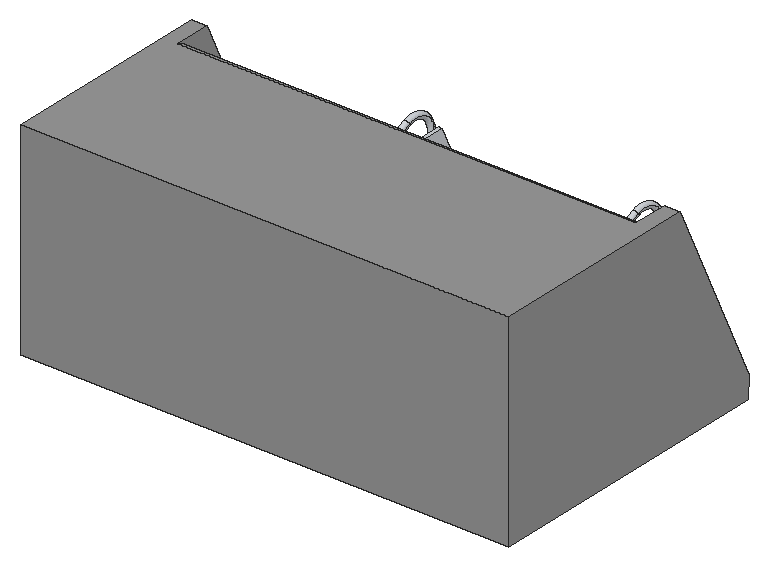
Revit family "Surgical_Scrub_Sink-Willoughby-CWSSS-2", category Plumbing Fixtures, Revit 2015
Parameters (values of type "Standard")
  Waste DIA = 1 1/2"
  Waste Connection = yes
  Vent Connection = no
  URL = "https://www.willoughby-ind.com/wp-content/uploads/2018/01/CWSSS.pdf"
  Revision = "A"
  Model = "CWSSS-2"
  Manufacturer = "Willoughby Industries"
  Inlet DIA = 0' - 0 1/2"
  HW Connection = no
  Fixture Body = Stainless Steel AISI 304-Willoughby
  Description = "Surgical Scrub Sink, Two Station"
  Default Elevation = 0' - 0"
  Contact = "800-428-4065"
  CW Connection = no
Reference planes (in)
  plane 1 "Center (Front/Back)": y = 0
  plane 2: z = 0
  plane 3 "Center (Left/Right)": x = 0
  plane 4 "Waste HGT": y = 25
  plane 5 "Bottom Of Sink": y = 16.75
  plane 6 "Top Of Unit": y = 56
Forms (in)
  Extrusion 1, solid, material "Stainless Steel AISI 304-Willoughby" <- "Fixture Body"
    sketch origin (0, 0, 0) x (0, 1, 0) y (0, 0, 1)
      loop
        line (16.75, 0) -> (56, 0) -> (56, 2.9375) -> (52.8125, 9.77312) -> (48.4375, 8.25) -> (32.125, 8.25) -> (32.125, 14.6875) -> (34.9375, 25.25) -> (40.1224, 25.25)
        arc (40.1224, 25.25) -> (40.9974, 26.125) -> (40.1224, 27) r 0.875
        line (40.1224, 27) -> (16.75, 27) -> (16.75, 0)
    from -30 to 30
  Extrusion 2, solid, material "Stainless Steel AISI 304-Willoughby" <- "Fixture Body"
    sketch origin (0, 0, 0) x (0, 1, 0) y (0, 0, 1)
      loop
        line (16.75, 27) -> (16.75, 0) -> (56, 0) -> (56, 2.9375) -> (44.77947, 27) -> (16.75, 27)
    from -30 to -32
  Extrusion 3, solid, material "Stainless Steel AISI 304-Willoughby" <- "Fixture Body"
    sketch origin (0, 0, 0) x (0, 1, 0) y (0, 0, 1)
      loop
        line (44.77947, 27) -> (16.75, 27) -> (16.75, 0) -> (56, 0) -> (56, 2.9375) -> (44.77947, 27)
    from 30 to 32
  Revolve 4, solid, material "Stainless Steel AISI 304-Willoughby" <- "Fixture Body", detail levels fine
    sketch origin (-3.125, 25, 0) x (-1, 0, 0) y (0, 0, 1)
      loop
        line (0, 0) -> (0.75, 0) -> (0.75, 3.5) -> (0, 3.5) -> (0, 0)
      axis (0, 3.5) -> (0, 0)
    angle from 0 to 360
  Extrusion 5, solid
    sketch origin (0, 0, 0) x (0, 1, 0) y (0, 0, 1)
      loop
        line (35, 25.25) -> (35, 8.25) -> (48.4375, 8.25) -> (52.8125, 9.77312) -> (45.59551, 25.25) -> (35, 25.25)
    from -0.1875 to 0.1875
  Sweep 6, solid
    path origin (-15, 0, 0) x (0, 1, 0) y (0, 0, 1)
      loop
        line (54.39732, 6.37446) -> (61.1663, 9.53089)
        arc (61.1663, 9.53089) -> (62.5418, 13.31003) -> (58.76266, 14.68552) r 2.84375
        line (58.76266, 14.68552) -> (57.6581, 14.17045)
    profile origin (-15, 57.78181, 7.95268) x (0, -0.422618, 0.906308) y (1, 0, 0)
      loop
        circle (-0.00343, 0) r 0.375
  Sweep 7, solid
    path origin (15, 0, 0) x (0, 1, 0) y (0, 0, 1)
      loop
        line (54.39732, 6.37446) -> (61.1663, 9.53089)
        arc (61.1663, 9.53089) -> (62.5418, 13.31003) -> (58.76266, 14.68552) r 2.84375
        line (58.76266, 14.68552) -> (57.6581, 14.17045)
    profile origin (15, 57.78181, 7.95268) x (0, -0.422618, 0.906308) y (1, 0, 0)
      loop
        circle (-0.00343, 0) r 0.375
  Extrusion 8, solid
    sketch origin (0, 0, 0) x (1, 0, 0) y (0, 1, 0)
      loop
        circle (-21, 25) r 0.25
      loop
        circle (-24, 25) r 0.25
      loop
        circle (10, 25) r 0.25
      loop
        circle (7, 25) r 0.25
    from 0 to 1
Cuts and joins
  joined: Extrusion 1, Extrusion 2, Extrusion 3
Lines and regions (in)
  symbolic lines
    curve 1: line (-16, 56, 0) -> (16, 56, 0)
    curve 5: line (0, 44.77947, 27) -> (0, 16.75, 27)
    curve 6: line (0, 16.75, 27) -> (0, 16.75, 0)
    curve 7: line (0, 16.75, 0) -> (0, 56, 0)
    curve 8: line (0, 56, 0) -> (0, 56, 2.9375)
    curve 9: line (0, 56, 2.9375) -> (0, 44.77947, 27)
    curve 10: line (-16, 25, 0) -> (16, 25, 0)
    curve 11: line (16, 25, 0) -> (16, 25, 27)
    curve 12: line (16, 25, 27) -> (-16, 25, 27)
    curve 13: line (-16, 25, 27) -> (-16, 25, 0)
    curve 14: line (16, 25, 2.9375) -> (-16, 25, 2.9375)
  symbolic lines, detail levels medium+fine
    curve 2: line (14, 32.125, 0) -> (-14, 32.125, 0)
    curve 3: line (-14, 52.8125, 0) -> (14, 52.8125, 0)
    curve 15: line (14, 25, 8.25) -> (14, 25, 25.25)
    curve 16: line (14, 25, 25.25) -> (-14, 25, 25.25)
    curve 17: line (-14, 25, 25.25) -> (-14, 25, 8.25)
    curve 18: line (-14, 25, 8.25) -> (14, 25, 8.25)
  symbolic lines, detail levels fine
    curve 4: line (-14, 34.9375, 0) -> (14, 34.9375, 0)
    curve 19: line (14, 25, 14.6875) -> (-14, 25, 14.6875)
    curve 20: line (-14, 25, 9.77312) -> (14, 25, 9.77312)
Dimensions and locks (in)
  aligned and locked: plane 6 "Top Of Unit" to Extrusion 1
  aligned and locked: Extrusion 1 sketch curve to plane 5 "Bottom Of Sink"
  aligned and locked: Revolve 4 sketch curve to Revolve 4 sketch curve  (x2)
Connectors (in)
  piping at (-3.125, 25, 0), diameter 1.5, driven by "Waste DIA", driven by "Waste Connection"
    settings: on Revolve 4, index 1, connector inside diameter 24", connector length 0' - 0", flow factor 0, pipe flow 0 GPM, pressure drop 0.00 psi, fitting loss kfactor 0, connector angle 0.00°, fixture units 0, engagement length 0' - 0", angle of deflection 0.00°, flow configuration 0, flow direction 2, fitting loss method 0, system type 16, joint type 0, gender type 0, connector reference index -1, connector utility 1, adjustable connector no, is connector primary yes, connector description "Sink Waste"
  piping at (-24, 25, 1), diameter 0.5, driven by "Inlet DIA"
    settings: on Extrusion 8, index 2, connector inside diameter 24", connector length 0' - 0", flow factor 0, pipe flow 0 GPM, pressure drop 0.00 psi, fitting loss kfactor 0, connector angle 0.00°, fixture units 0, engagement length 0' - 0", angle of deflection 0.00°, flow configuration 0, flow direction 0, fitting loss method 0, system type 19, joint type 0, gender type 0, connector reference index -1, connector utility 0, adjustable connector no, is connector primary no, connector description ""
  piping at (-21, 25, 1), diameter 0.5, driven by "Inlet DIA"
    settings: on Extrusion 8, index 3, connector inside diameter 24", connector length 0' - 0", flow factor 0, pipe flow 0 GPM, pressure drop 0.00 psi, fitting loss kfactor 0, connector angle 0.00°, fixture units 0, engagement length 0' - 0", angle of deflection 0.00°, flow configuration 0, flow direction 0, fitting loss method 0, system type 20, joint type 0, gender type 0, connector reference index -1, connector utility 0, adjustable connector no, is connector primary no, connector description ""
  piping at (7, 25, 1), diameter 0.5, driven by "Inlet DIA"
    settings: on Extrusion 8, index 4, connector inside diameter 24", connector length 0' - 0", flow factor 0, pipe flow 0 GPM, pressure drop 0.00 psi, fitting loss kfactor 0, connector angle 0.00°, fixture units 0, engagement length 0' - 0", angle of deflection 0.00°, flow configuration 0, flow direction 0, fitting loss method 0, system type 19, joint type 0, gender type 0, connector reference index -1, connector utility 0, adjustable connector no, is connector primary no, connector description ""
  piping at (10, 25, 1), diameter 0.5, driven by "Inlet DIA"
    settings: on Extrusion 8, index 5, connector inside diameter 24", connector length 0' - 0", flow factor 0, pipe flow 0 GPM, pressure drop 0.00 psi, fitting loss kfactor 0, connector angle 0.00°, fixture units 0, engagement length 0' - 0", angle of deflection 0.00°, flow configuration 0, flow direction 0, fitting loss method 0, system type 20, joint type 0, gender type 0, connector reference index -1, connector utility 0, adjustable connector no, is connector primary no, connector description ""
